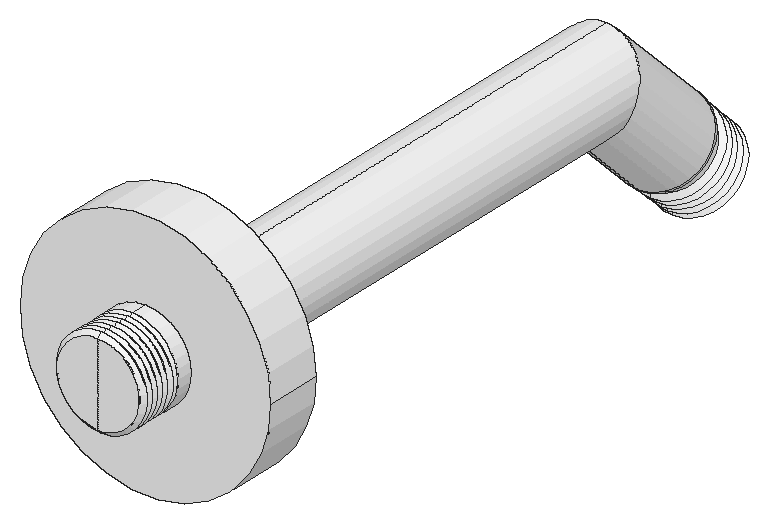
Revit family "S-2540_SPEAKMAN_NEO-SHOWER ARM AND FLANGE", category Generic Models, host Wall, Revit 2023
Family settings
  Host = Wall
  Can host rebar = No
  Round Connector Dimension = Use Diameter
  Part Type = Normal
  Always vertical = Yes
  Cut with Voids When Loaded = No
  Maintain Annotation Orientation = No
  Shared = No
  Room Calculation Point = No
Parameters
  w1 = 0' - 2 1/4"
  w = 0' - 2 1/4"
  OVERALL LENGTH = LENGTH + 0' 2"  # 0' - 9.00128"
  MATERIAL_S-2540 = MATERIAL_S-2540
  LENGTH = 0' - 7.00128"
  Default Elevation = 0' - 7"
  1 = 0' - 0 13/16"
Reference planes (in)
  plane 1: y = 0
  plane 2 "Center (Left/Right)": x = 0
  plane 3 "Wall Edge": y = 3
  plane 4: x = 1.125
  plane 5: x = -1.125
  plane 6: z = 33.28975
  plane 7: z = 31.03975
  plane 8: z = 32.16475
  plane 9: z = 32.571
  plane 10: z = 31.7585
  plane 11: x = 0.40625
  plane 12: x = -0.40625
  plane 13: y = 8
  plane 14: through (0, 7.8548, 29.57593) normal (0, 0.7071, -0.7071)
  plane 15: z = 30.696
  plane 16: through (0, 8.51567, 31.07456) normal (0, 0.7071, 0.7071)
  plane 17: y = 9.46875
  plane 18: y = 2.46746
  plane 19: y = 3
  plane 20: y = 3.5
Forms (in)
  Sweep 1, solid, material "MATERIAL_S-2540" <- "MATERIAL_S-2540"
    path origin (0, 0, -34.25) x (0, 1, 0) y (0, 0, 1)
      loop
        line (3.5, 66.41475) -> (8, 66.41475) -> (8.80293, 65.61182)
    profile origin (0, 5.75, 32.16475) x (0, 0, 1) y (1, 0, 0)
      loop
        circle (0, 0) r 0.40625
  Revolve 2, solid, material "MATERIAL_S-2540" <- "MATERIAL_S-2540"
    sketch origin (0, 0, -34.25) x (0, 1, 0) y (0, 0, 1)
      loop
        line (8.80293, 65.61182) -> (8.51567, 65.32456)
        arc (8.51567, 65.32456) -> (8.54393, 65.30577) -> (8.5778, 65.30791) r 0.05315
        arc (8.5778, 65.30791) -> (8.60907, 65.30907) -> (8.63369, 65.28975) r 0.04549
        line (8.63369, 65.28975) -> (8.67279, 65.25065) -> (8.66748, 65.18998) -> (8.73347, 65.18998) -> (8.72816, 65.1293) -> (8.79414, 65.1293) -> (8.78883, 65.06863) -> (8.85481, 65.06863) -> (8.8495, 65.00796) -> (8.91548, 65.00796) -> (8.91006, 64.946) -> (8.97487, 64.946) -> (9.01393, 64.98505) -> (8.96723, 65.03175) -> (9.18601, 65.22874) -> (8.80293, 65.61182)
      axis (8.80293, 65.61182) -> (9.22181, 65.19294)
    angle from 0 to 360
  Revolve 3, solid, material "MATERIAL_S-2540" <- "MATERIAL_S-2540"
    sketch origin (0, 0, 0) x (0, 1, 0) y (0, 0, 1)
      loop
        line (3, 32.16475) -> (3, 32.571) -> (2.85166, 32.571) -> (2.8227, 32.54204) -> (2.79375, 32.571) -> (2.76479, 32.54204) -> (2.73584, 32.571) -> (2.70688, 32.54204) -> (2.67793, 32.571) -> (2.64897, 32.54204) -> (2.62002, 32.571) -> (2.59106, 32.54204) -> (2.56211, 32.571) -> (2.53315, 32.54204) -> (2.50419, 32.571) -> (2.46746, 32.53427) -> (2.46746, 32.16475) -> (3, 32.16475)
      axis (3, 32.16475) -> (2.46746, 32.16475)
    angle from 0 to 360
  Extrusion 4, solid, material "MATERIAL_S-2540" <- "MATERIAL_S-2540"
    sketch origin (0, 3, 0) x (1, 0, 0) y (0, 0, 1)
      loop
        circle (0, 32.16475) r 1.125
    from -0.5 to 0
Cuts and joins
  joined: Sweep 1, Revolve 2, Revolve 3, Extrusion 4
Text (in)
  text "Placement Side" at (0, 40.15149, 123.01588), in view "Right"
  text "Placement Side" at (-70.3804, 28.46503, 0), in view "Ref. Level"
  text "Placement Side" at (0, 81.62555, 140.59947), in view "Left"
Dimensions and locks (in)
  locked: plane 3 "Wall Edge" to host wall
  equal spacing: plane 5, plane 2 "Center (Left/Right)", plane 4
  plane 5 to plane 4 = 0' - 2 1/4"  (x2)
  equal spacing: plane 7, plane 8, plane 6
  plane 7 to plane 6 = 0' - 2 1/4"
  plane 10 to plane 9 = 0' - 0 13/16"
  plane 11 to plane 12 = 0' - 0 13/16"
  plane 9 to plane 15 = 0' - 1 7/8"  (x2)
  "LENGTH": plane 18 to plane 17
  plane 6 to plane 7 = 0' - 2 1/4"  (x2)
  locked: plane 18 to host wall at 0.53254
  locked: plane 13 to plane 17 at 1.46875
  plane 17 to plane 13 = 0' - 1 15/32"
  host wall to plane 18 = 0' - 0.53254"
  plane 9 to plane 10 = 0' - 0 13/16"  (x2)
  plane 15 to plane 9 = 0' - 1 7/8"
  plane 20 to plane 19 = 0' - 0 1/2"
  angle plane 16 to plane 10 = 135.00°
  angle plane 10 to plane 16 = 135.00°
  aligned and locked: plane 13 to Sweep 1 sketch curve
  aligned and locked: profile plane to Sweep 1 sketch curve  (x2)
  aligned and locked: plane 15 to Revolve 2 sketch curve
  aligned and locked: Extrusion 4 to host wall
Automatic sketch dimensions
  Sweep 1 sketch curve to profile plane = 0' - 0"
  profile plane to Sweep 1 sketch curve = 0' - 0 13/32"
  Sweep 1 sketch curve to plane 2 "Center (Left/Right)" = 0' - 0"
  Sweep 1 sketch curve to plane 8 = 0' - 0"
  plane 7 to Sweep 1 sketch curve = 0' - 0.32207"
  plane 13 to Sweep 1 sketch curve = 0' - 0.80293"
  Revolve 2 sketch curve to plane 7 = 0' - 0"
  plane 7 to Revolve 2 sketch curve = 0' - 0.03481"
  plane 13 to Revolve 2 sketch curve = 0' - 0.51567"
  Revolve 2 sketch curve to Revolve 2 sketch curve = 0' - 0.04202"
  Revolve 2 sketch curve to plane 7 = 0' - 0.02394"
  Revolve 2 sketch curve to Revolve 2 sketch curve = 0' - 0.03733"
  Revolve 2 sketch curve to Revolve 2 sketch curve = 0' - 0.03868"
  Revolve 2 sketch curve to Revolve 2 sketch curve = 0' - 0.07247"
  Revolve 2 sketch curve to plane 7 = 0' - 0.0391"
  Revolve 2 sketch curve to Revolve 2 sketch curve = 0' - 0.0391"
  Revolve 2 sketch curve to Revolve 2 sketch curve = 0' - 0.06067"  (x5)
  Revolve 2 sketch curve to Revolve 2 sketch curve = 0' - 0.00531"  (x3)
  plane 15 to Revolve 2 sketch curve = 0' - 0.12263"
  Revolve 2 sketch curve to Revolve 2 sketch curve = 0' - 0.24525"
  plane 15 to Revolve 2 sketch curve = 0' - 0.06196"
  Revolve 2 sketch curve to Revolve 2 sketch curve = 0' - 0.06056"
  Revolve 2 sketch curve to Revolve 2 sketch curve = 0' - 0.00542"
  plane 15 to Revolve 2 sketch curve = 0' - 0.08576"
  Revolve 2 sketch curve to Revolve 2 sketch curve = 0' - 0.05174"
  Revolve 2 sketch curve to Revolve 2 sketch curve = 0' - 0.06481"
  plane 15 to Revolve 2 sketch curve = 0' - 0 5/128"
  Revolve 2 sketch curve to plane 7 = 0' - 0.06101"
  Revolve 2 sketch curve to Revolve 2 sketch curve = 0' - 0.21878"
  Revolve 2 sketch curve to Revolve 2 sketch curve = 0' - 0.03254"
  plane 7 to Revolve 2 sketch curve = 0' - 0.32207"
  Revolve 2 sketch curve to Revolve 2 sketch curve = 0' - 0"
  plane 7 to Revolve 2 sketch curve = 0' - 0.2806"
  Revolve 2 sketch curve to Revolve 2 sketch curve = 0' - 0.04147"
  Revolve 3 sketch curve to plane 18 = 0' - 0"
  Revolve 3 sketch curve to plane 9 = 0' - 0"  (x7)
  Revolve 3 sketch curve to host wall = 0' - 0"  (x2)
  Revolve 3 sketch curve to plane 8 = 0' - 0"  (x2)
  plane 18 to Revolve 3 sketch curve = 0' - 0.03673"
  Revolve 3 sketch curve to Revolve 3 sketch curve = 0' - 0.02896"  (x2)
  Revolve 3 sketch curve to plane 9 = 0' - 0.02896"  (x5)
  Revolve 3 sketch curve to host wall = 0' - 5.46746"
  Extrusion 4 sketch curve to plane 2 "Center (Left/Right)" = 0' - 0"
  Extrusion 4 sketch curve to plane 8 = 0' - 0"
  Sweep 1 sketch curve to plane 3 "Wall Edge" = 0' - 0 1/2"
  radius of Extrusion 4 sketch curve = 0' - 1 1/8"
Connectors (in)
  piping at (0, 3, 32.16475), diameter 0.8125
    settings: on cut or joined group of Sweep 1, Revolve 2, Revolve 3, Extrusion 4, index 1, connector inside diameter 24", connector length 0' - 0", flow factor 0, pipe flow 0 GPM, pressure drop 0.00 psi, fitting loss kfactor 0, connector angle 0.00°, fixture units 0, engagement length 0' - 0", angle of deflection 0.00°, flow configuration 0, flow direction 0, fitting loss method 0, system type 7, joint type 0, gender type 0, connector reference index -1, connector utility 0, adjustable connector no, is connector primary yes, connector description ""
